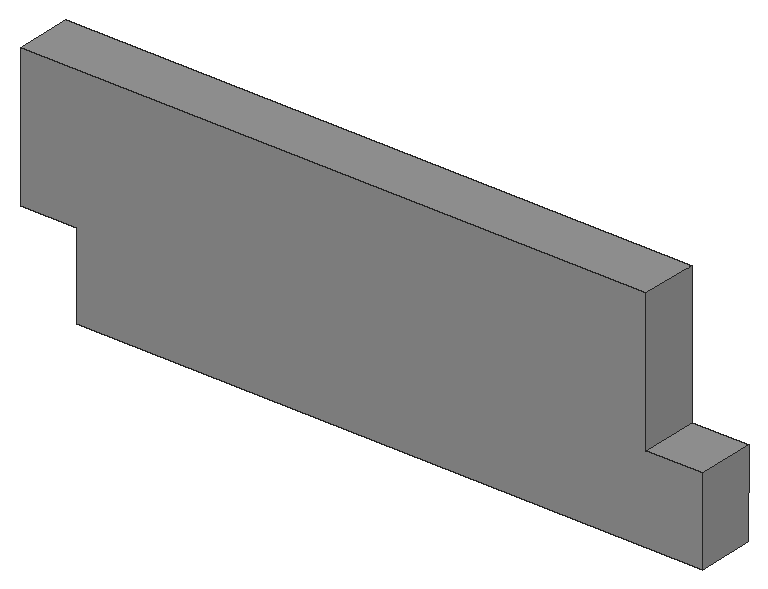
Revit family "Stonepanel_Doré_ESP", category Modelos genéricos, Revit 2017
Family settings
  Anfitrión = Muro
  Puede alojar armadura = No
  Cota de conector redondo = Diámetro de uso
  Tipo de pieza = Normal
  Siempre vertical = Sí
  Corte con vacíos al cargar = No
  Compartido = No
  Punto de cálculo de habitación = No
Parameters (values of type "Stonepanel® Doré. 20 cm - 60 cm")
  Ventajas de Stonepanel = "Eficaz: Instalación ágil y sencilla : 10 veces más rápido que la mampostería tradicional (Ritmo medio de colocación de 20 m2/día). Mayor rentabilidad gracias al menor desperdicio de material en obra y a la durabilidad de un producto natural frente a otros revestimientos. La colocación de los paneles no requiere mano de obra ni maquinaria especializada.\r\nSeguro: Un sistema de anclaje patentado, de acero inoxidable, que permite su instalación a más de 2 metros de altura. Base de cemento homogénea y rugosa que garantiza la adhesión y permite el corte sin desprendimiento.\r\nCalidad: Control permanente del proceso de producción desde la oficina I+D+I. Una cuidada selección de piedra natural realizada por los expertos de CUPASTONE. Disponibilidad de piezas especiales para adaptarse perfectamente a cada edificio: esquinas (macizas, rectas, dobles o para ventanas), cubremuros, y otros complementarios.\r\nEstética: Forma de “S” que evita la visión de las juntas para homogenizar el aspecto final. Gran variedad de paneles para elegir entre colores y acabados de piedra natural. La propia belleza y exclusividad de la piedra natural: Cada piedra es\r\núnica."
  Usos Indicados = "Revestimiento de Paredes exteriores e interiores en edificaciones nuevas o rehabilitaciones"
  Uniclass 2015 = "Pr_25_71_14_56 Natural stone panels"
  Uniclass 2 = "Pr_25_71_14_56 Natural stone panels"
  URL = "http://www.cupastone.es/producto/stonepanel-orient/"
  Sistema de anclaje = "Cinta perforada en acero inoxidable:\r\n- Naturaleza del acero: AISI 316 (1.4401) o AISI 304 (1.4301)\r\n- Espesor mínimo (mm) : 0,7\r\n- Ancho (mm) : 12 a 15\r\n- Diámetro del hueco (mm) : 6 ± 1\r\n\r\nTacos:\r\nLa elección de los tacos y clavijas de fijación debe ser realizada teniendo en cuenta la acción en depresión del viento (muros exteriores) y de la resistencia de los tacos en el soporte, en función de la naturaleza del soporte."
  Resistencia al fuego = "A1 incombustible"
  Resistencia = "Buena resistencia"
  Peso = "8,75 kg"
  Oxidación = "No oxida"
  Otros datos de interés del producto = "Dispone de un anclaje para instalar a alturas superiores a 2 metros"
  Omniclass = "23-15 15 15 11"
  NBS Reference = "45-25-45/380 Natural stone panels"
  Modelo = "Stonepanel® Doré"
  Material = "Panel de cuarcita dorada con tonalidades tierra y gris claro que conforman una combinación elegante y luminosa para proyectos tanto modernos como rústicos."
  Limpieza = "En general, los paneles no requieren mantenimiento y son auto- limpiantes, pero la eliminación de algunos tipos de marcas pueden requerir un tratamiento especializado.\r\nEn caso de suciedad anormal, la superficie puede limpiarse con una mezcla / detergente doméstico y agua caliente , aplicada con una almohadilla de limpieza adecuado o una esponja."
  Largo = 600 mm
  Imagen de tipo = <Ninguno>
  H1 = 76 mm
  Formato = "600 x 200"
  Forma de suministro = "Los paneles se presentan en parejas o en un embalaje plástico ."
  Forma = "Forma de \"s\""
  Fabricante = "Cupastone"
  Ensayos realizados por Avis Technique = "Resistencia mecánica del anclaje, Resistencia mecánica de la cinta de seguridad, Ensayo de durabilidad tras la acción del agua, Ensayo de durabilidad tras la acción del hielo, Ensayo sísmico"
  Durabilidad = "Según el certificado BBA, el sistema tiene una vida de diseño superior a 30 años."
  Detalles constructivos = "Detalles de:\r\n- Instalación con perfil metálico\r\n- Instalación de Stonepanel\r\n- Instalación en muro interior\r\n- Instalación del elemento de seguridad (cinta perforada + tacos)\r\n- Esquinas entrantes\r\n- Esquinas salientes\r\n- Esquinas salientes pre-fabricadas\r\n- Esquinas salientes mediante serrado del panel\r\n- Esquinas salientes sin continuidad de Stonepanel (caso de una fachada lateral)\r\n- Bordes superiores\r\n- Sobre parapeto\r\n- Marco de vano"
  Desfase de altura = 0 mm
  Descripción = "Pieza de piedra natural montada sobre una base de cemento y reforzada con una malla de fibra de vidrio .\r\nPosee sistema de anclaje patentado, de acero inoxidable, que permite su instalación a más de 2 metros de altura"
  Densidad aparente = "79,5  kg/m2"
  Color secundario = "Gris"
  Color principal = "Crema"
  Certificaciones = "Avis Technique - Francia - En proceso"
  Aspecto = "Contemporáneo"
  Ancho = 50 mm
  Alto = 200 mm
  Acabado = "Natural"
  Absorción = "Baja absorción"
Reference planes
  plane 1 "Muro": y = 0
  plane 2 "Centro (Izquierda/Derecha)": x = 125
  plane 3 "Posterior": y = 75
Forms (mm)
  Extrusion 1, solid, material "Stonepanel® SKY Orient"
    sketch origin (0, 160, 1120) x (1, 0, 0) y (0, 0, 1)
      loop
        line (125, -1120) -> (125, -1044) -> (75, -1044) -> (75, -920) -> (-475, -920) -> (-475, -1044) -> (-425, -1044) -> (-425, -1120) -> (125, -1120)
    from 35 to 85
Lines and regions (mm)
  reference lines
    curve 1: line (-485, 0, 76) -> (235, 0, 76)
Text (mm)
  text "Cara de colocación" at (-1848.837, 1116.779, 0), in view "Nivel de referencia"
  text "Cara de colocación" at (0, 1409.804, 2854.306), in view "Izquierda"
  text "Cara de colocación" at (0, 499.811, 2980.732), in view "Derecha"
Dimensions and locks
  locked: plane 3 "Posterior" to host wall
  locked: Extrusion 1 to plane 3 "Posterior" at 0
  "Ancho": Extrusion 1 to Extrusion 1
  "Largo": Extrusion 1 to Extrusion 1
  "H1": level to Extrusion 1
  "Desfase de altura": level to Extrusion 1
  locked: Extrusion 1 to Extrusion 1 at 50  (x2)
  "Alto": level to Extrusion 1
  "H1": Extrusion 1 to Extrusion 1
  aligned and locked: plane 1 "Muro" to host wall
Automatic sketch dimensions
  Extrusion 1 sketch curve to level = 0 mm
  Extrusion 1 sketch curve to plane 2 "Centro (Izquierda/Derecha)" = 0 mm
  Extrusion 1 sketch curve to plane 2 "Centro (Izquierda/Derecha)" = 50 mm
  Extrusion 1 sketch curve to Extrusion 1 sketch curve = 500 mm
  Extrusion 1 sketch curve to Extrusion 1 sketch curve = 50 mm
  level to Extrusion 1 sketch curve = 76 mm  (x2)
  Extrusion 1 sketch curve to Extrusion 1 sketch curve = 124 mm
  level to curve 1 = 76 mm
  curve 1 to plane 2 "Centro (Izquierda/Derecha)" = 610 mm
  plane 2 "Centro (Izquierda/Derecha)" to curve 1 = 110 mm
